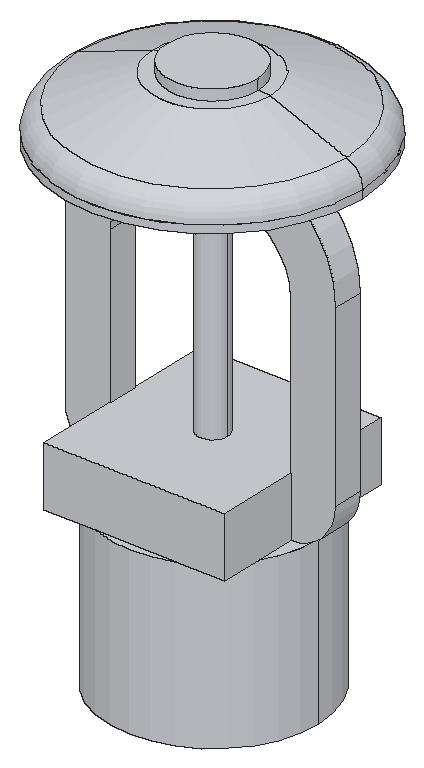
Revit family
Parameters (values of type "RASCO F156-300 UPRIGHT")
  URL = ""
  Temperature Rating = 175 °F
  Response = (empty or 0)
  RASCO SIN # = "RA2525"
  RASCO Part # = "F56U5B3"
  Pressure Rating = "300 PSI"
  Pressure Class = 1
  Orifice Size = 1/2"
  Orifice = (empty or 0)
  Model = "F156-300"
  Manufacturer = "RASCO"
  K-Factor = 5.6
  Description = "Bronze Finish"
  Coverage = (empty or 0)
Reference planes (in)
  plane 1 "Center (Front/Back)": y = 0
  plane 2: z = 0
  plane 3 "Center (Left/Right)": x = 0
Nested families (in)
  nested 1: "F56U5B3" at (0, 0, 0), type "RASCO F156-300 UPRIGHT"
Connectors (in)
  piping at (0, 0, 0)
    settings: on nested 1, index 1, connector radius 55/128", flow factor 0, pipe flow 0 GPM, pressure drop 0.00 psi, fitting loss kfactor 0, connector angle 0.00°, fixture units 0, flow configuration 0, flow direction 0, fitting loss method 0, system type 7, connector reference index -1, connector utility 0, adjustable connector no, is connector primary yes, fitting loss table "", connector description ""
Definition of nested family "F56U5B3"
  Parameters (values of type "RASCO F156-300 UPRIGHT")
    Type Comments = ""
    Temperature Rating = 0 °F
    Response = (empty or 0)
    Pressure Rating = "0"
    Pressure Class = (empty or 0)
    Orifice Size = 0"
    Orifice = (empty or 0)
    Model = ""
    Manufacturer = ""
    K-Factor = 0
    Description = ""
    Coverage = (empty or 0)
    Assembly Code = ""
  Reference planes (in)
    plane 1 "Center (Front/Back)": y = 0
    plane 2: z = 0
    plane 3 "ref.2": z = 0.6875
    plane 4 "ref.3": z = 0.9375
    plane 5: x = -0.38065
    plane 6: x = 0.36935
    plane 7 "ref. side 1": y = 0.06402
    plane 8 "ref. side 2": y = -0.06098
    plane 9 "ref.4": z = 1.875
    plane 10 "ref.5": z = 2.3125
    plane 11 "ref.6": z = 2.4375
  Forms (in)
    Extrusion 1, solid
      sketch origin (0, 0, 0) x (1, 0, 0) y (0, 1, 0)
        loop
          circle (0, 0) r 0.4375
      from 0 to 0.6875
    Extrusion 2, solid
      sketch origin (-0.12185, 0.05177, 0.6875) x (1, 0, 0) y (0, 1, 0)
        loop
          line (-0.2588, 0.356) -> (-0.2588, -0.4565) -> (0.4912, -0.4565) -> (0.4912, 0.356) -> (-0.2588, 0.356)
      from 0 to 0.25
    Extrusion 3, solid
      sketch origin (0, 0, 0) x (1, 0, 0) y (0, 0, 1)
        loop
          line (-0.38065, 0.68754) -> (-0.38065, 1.58397)
          arc (-0.38065, 1.58397) -> (-0.29541, 1.78976) -> (-0.08962, 1.875) r 0.29103
          line (-0.08962, 1.875) -> (0.07524, 1.875)
          arc (0.07524, 1.875) -> (0.28321, 1.78886) -> (0.36935, 1.58089) r 0.29411
          line (0.36935, 1.58089) -> (0.36935, 0.68751)
          arc (0.36935, 0.68751) -> (0.50207, 0.74393) -> (0.55685, 0.87734) r 0.18984
          line (0.55685, 0.87734) -> (0.55685, 1.61676)
          arc (0.55685, 1.61676) -> (0.42629, 1.93194) -> (0.11111, 2.0625) r 0.44574
          line (0.11111, 2.0625) -> (-0.12259, 2.0625)
          arc (-0.12259, 2.0625) -> (-0.43765, 1.932) -> (-0.56815, 1.61694) r 0.44556
          line (-0.56815, 1.61694) -> (-0.56815, 0.87876)
          arc (-0.56815, 0.87876) -> (-0.51345, 0.74486) -> (-0.38065, 0.68754) r 0.19126
      from -0.06402 to 0.06098
    Extrusion 4, solid
      sketch origin (0, 0, 0.9375) x (-1, 0, 0) y (0, -1, 0)
        loop
          circle (0.00574, -0.00152) r 0.0625
      from 0 to 0.9375
    Extrusion 5, solid
      sketch origin (0, 0, 1.875) x (-1, 0, 0) y (0, -1, 0)
        loop
          circle (0.00574, -0.00152) r 0.1875
      from 0 to 0.4375
    Revolve 6, solid
      sketch origin (0, 0, -0.31276) x (1, 0, 0) y (0, 0, 1)
        loop
          line (-0.19324, 2.33367) -> (-0.19324, 2.58367) -> (-0.24995, 2.58367) -> (-0.56395, 2.46314)
          arc (-0.56395, 2.46314) -> (-0.61243, 2.42492) -> (-0.63074, 2.36595) r 0.1041
          line (-0.63074, 2.36595) -> (-0.63074, 2.33367) -> (-0.19324, 2.33367)
        axis (-0.00574, 2.33367) -> (-0.00574, 2.58367)
      angle from 0 to 360
  Cuts and joins
    joined: Extrusion 1, Extrusion 2, Extrusion 4, Revolve 6
  Lines and regions (in)
    model lines
      curve 1: line (-0.00574, 0.06402, 1.875) -> (-0.00574, -0.06098, 1.875)
